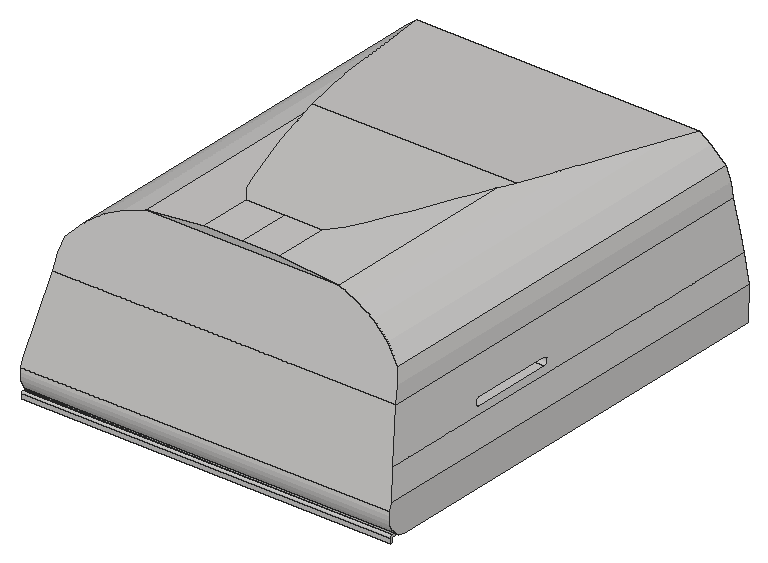
Revit family "NBS_DudleyIndustriesLimited_PprTwlDpnsrs_SmallPlatinumRange_77015CB", category Specialty Equipment, host Face, Revit 2019
Family settings
  Host = Face
  Round Connector Dimension = Use Diameter
  Part Type = Normal
  Cut with Voids When Loaded = No
  Shared = No
  Room Calculation Point = No
Parameters
  WarrantyStartDate [instance] = "1900-12-31T23:59:59"
  WarrantyGuarantorParts = "n/a"
  WarrantyGuarantorLabor = "n/a"
  WarrantyDurationUnit = "year"
  WarrantyDurationParts = "n/a"
  WarrantyDurationLabor = "n/a"
  WarrantyDescription = "n/a"
  Version = "1"  # constant formula
  Uniclass2015Version = "Products v1.22"
  Uniclass2015Title = "Paper towel dispensers"
  Uniclass2015Code = "Pr_40_70_22_62"
  TowelsWidth = "n/a"
  TowelsTowelType = "n/a"
  TagNumber [instance] = "n/a"
  SustainabilityPerformance = "n/a"
  Style = "n/a"
  Status = "UNSET"
  Size = "317mm x 290mm x 145mm"
  Shape = "n/a"
  SerialNumber [instance] = "n/a"
  Revision = "n/a"
  ReplacementCost = "n/a"
  Reference = "n/a"
  RecycledContent = "n/a"
  Recyclability = "n/a"
  RatedVoltage = "n/a"
  RatedCurrent = "n/a"
  ProductInformation = "https://www.dudleyindustries.com/washroom/product-category/all-products/paper-towel-dispensers/page/2/"
  PowerFactor = 0
  Operation = "n/a"
  NumberOfPoles = 0
  NominalWidth = 290 mm
  NominalLength = 290 mm
  NominalHeight = 317 mm
  NominalFrequencyRange = "n/a"
  NominalDepth = 145 mm
  Name = "PaperTowelDispensers_SmallPlatinumRange_77015CB_DudleyIndustriesLimited_NBS"
  NBSReference = "45-35-72/344"
  NBSDescription = "Paper towel dispensers"
  NBSCertification = "www.nationalbimlibrary.com/cert/0onmyyz4"
  ModelReference = "Small Platinum Range 77015CB"
  ModelNumber = "77015CB"
  MaterialsFinishAndColour = "n/a"
  MaterialsBody = "n/a"
  Material = "Stainless steel"
  ManufacturerURL = "www.dudleyindustries.com"
  ManufacturerName = "Dudley Industries Limited"  # constant formula
  Manufacturer = "n/a"
  MainColor = "n/a"
  IsBuiltIn = no
  IntegralAccessories = "n/a"
  InsulationStandardClass = "n/a"
  InstallationDate [instance] = "1900-12-31T23:59:59"
  IfcExportType = "NOTDEFINED"  # constant formula
  IfcExportAs = "IfcFurnitureType"  # constant formula
  IPCode = "n/a"
  IKCode = "n/a"
  HasProtectiveEarth = no
  Grade = "n/a"
  Form = "n/a"
  Finish = "Brushed with Clear Lacquer"
  Features = "n/a"
  ExpectedLife = "n/a"
  EmbodiedCarbon = "n/a"
  DurationUnit = "n/a"
  DispenserWidth = 290 mm  # constant formula
  DispenserLockMaterial = NBS_DudleyIndustries_StainlessSteel_Polished
  DispenserHeigth = 317 mm  # constant formula
  DispenserCaseMaterial = NBS_DudleyIndustries_StainlessSteel_Polished
  Description = "Elegant small stainless steel paper towel dispenser"
  Default Elevation = 1300 mm
  CountryOfProductManufacture = "n/a"
  CountryOfMaterialOrigin = "n/a"
  ContainsRedListMaterials = "n/a"
  Constituents = "n/a"
  ConductorFunction = "n/a"
  Color = "Brushed with clear lacquer"
  CodePerformance = "n/a"
  Category = "Pr_40_70_22_62:Paper towel dispensers"
  BarCode = "n/a"
  BIMObjectName = "NBS_DudleyIndustriesLimited_PaperTowelDispensers_SmallPlatinumRange_77015CB"
  Author = "NBS"  # constant formula
  AssetType = "Fixed"
  AssetIdentifier [instance] = "n/a"
  AccessibilityPerformance = "n/a"
Reference planes
  plane 1 "Center (Front/Back)": y = 0
  plane 2 "Bottom": z = 0
  plane 3 "Center (Left/Right)": x = 0
  plane 4: y = -213.5
  plane 5 "Right": x = 145
  plane 6 "Left": x = -145
  plane 7 "Front": z = 147
  plane 8: through (-145, 213.5, 55) normal (0, -0.9962, -0.0872)
  plane 9: through (-145, -177.356, 147) normal (0, 0.0175, 0.9998)
  plane 10: through (-145, -71.932, 145.16) normal (0, 0.0523, 0.9986)
  plane 11: through (-145, 16.633, 140.518) normal (0, 0.0872, 0.9962)
  plane 12: through (-145, 81.275, 134.863) normal (0, 0.1219, 0.9925)
  plane 13: through (-145, -157.356, 147) normal (0, 0.9605, -0.2783)
  plane 14: z = 1.1
  plane 15: through (-145, -193.5, 22.243) normal (0, -0.9605, 0.2783)
  plane 16: through (-145, -157.466, 140.711) normal (0, 0.9521, -0.3057)
  plane 17: through (-145, -157.402, 144.346) normal (0, -0.9945, -0.1045)
  plane 18: y = -158.5
  plane 19 "Top": y = 158.5
  plane 20: x = -146
  plane 21: x = 146
Forms (mm)
  Extrusion 1, solid, material "NBS_DudleyIndustries_StainlessSteel_Polished" <- "DispenserCaseMaterial", detail levels coarse
    sketch origin (-145, 0, 0) x (0, 1, 0) y (0, 0, 1)
      loop
        line (-157.356, 147.001) -> (-193.5, 22.243) -> (-193.5, 0) -> (158.5, 0) -> (158.5, 55) -> (152.217, 126.818)
        arc (152.217, 126.818) -> (76.211, 135.175) -> (0, 141.39) r 2716.185
        arc (0, 141.39) -> (-78.633, 145.44) -> (-157.356, 147.001) r 2487.832
    from 0 to 290
  Extrusion 2, solid, material "NBS_DudleyIndustries_StainlessSteel_Polished" <- "DispenserCaseMaterial", detail levels medium+fine
    sketch origin (-145, 0, 0) x (0, 1, 0) y (0, 0, 1)
      loop
        line (158.5, 1.1) -> (158.5, 59.642) -> (152.625, 126.789)
        arc (152.625, 126.789) -> (82.366, 134.602) -> (11.943, 140.764) r 3013.356
        arc (11.943, 140.764) -> (-72.794, 145.457) -> (-157.652, 146.72) r 2098.35
        line (-157.652, 146.72) -> (-157.13, 141.756) -> (-174.994, 86.119) -> (-193.5, 22.243)
        arc (-193.5, 22.243) -> (-191.087, 8.036) -> (-178.455, 1.1) r 16.558
        line (-178.455, 1.1) -> (158.5, 1.1)
      loop
        line (-191.102, 3.995) -> (-189.113, 3.995) -> (-189.113, 5.499) -> (-190.101, 5.999) -> (-190.101, 4.995) -> (-191.102, 4.995)
        arc (-191.102, 4.995) -> (-192.338, 4.484) -> (-192.849, 3.249) r 1.747
        line (-192.849, 3.249) -> (-192.849, 0) -> (-191.849, 0) -> (-191.849, 3.249)
        arc (-191.849, 3.249) -> (-191.631, 3.777) -> (-191.102, 3.995) r 0.747
    from 0 to 290
  Extrusion 3, solid, material "NBS_DudleyIndustries_StainlessSteel_Polished" <- "DispenserLockMaterial", detail levels medium+fine
    sketch origin (0, 213.5, 0) x (1, 0, 0) y (0, 0, 1)
      loop
        circle (0, 30.358) r 12.5
      loop
        circle (0, 30.358) r 10
      loop
        circle (0.078, 30.436) r 6.8
      loop
        circle (0.078, 33.381) r 1.242
      loop
        circle (0.078, 27.388) r 1.242
    from 54.43 to 65.605
  Extrusion 4, void, detail levels medium+fine
    sketch origin (0, 213.5, 0) x (1, 0, 0) y (0, 0, 1)
      loop
        line (-154.502, 151.518) -> (-154.502, 26.036) -> (-145.327, 26.036) -> (-134.733, 86.119)
        arc (-134.733, 86.119) -> (-133.56, 97.292) -> (-130.841, 108.191) r 80.375
        arc (-130.841, 108.191) -> (-106.158, 129.697) -> (-75.723, 141.756) r 96.905
        arc (-75.723, 141.756) -> (-52.985, 145.324) -> (-30, 146.518) r 221.909
        line (-30, 146.518) -> (0, 146.518) -> (30, 146.518)
        arc (30, 146.518) -> (52.985, 145.324) -> (75.723, 141.756) r 221.909
        arc (75.723, 141.756) -> (106.158, 129.697) -> (130.841, 108.191) r 96.905
        arc (130.841, 108.191) -> (133.56, 97.292) -> (134.733, 86.119) r 80.375
        line (134.733, 86.119) -> (141.26, 49.103) -> (145.996, 22.243) -> (153.607, 22.243) -> (153.607, 151.518) -> (-154.502, 151.518)
    from 55 to 432.289
  Extrusion 5, void, detail levels medium+fine
    sketch origin (-145, 0, 0) x (0, 1, 0) y (0, 0, 1)
      loop
        arc (-99.635, 60.1) -> (-102.635, 57.1) -> (-99.635, 54.1) r 3
        line (-99.635, 54.1) -> (-35.635, 54.1)
        arc (-35.635, 54.1) -> (-32.635, 57.1) -> (-35.635, 60.1) r 3
        line (-35.635, 60.1) -> (-99.635, 60.1)
    from 0 to 290
  Extrusion 6, solid, material "NBS_DudleyIndustries_StainlessSteel_Polished" <- "DispenserCaseMaterial", detail levels coarse
    sketch origin (0, 0, 0) x (0, 1, 0) y (0, 0, 1)
      loop
        line (-196.5, 0) -> (160.5, 0) -> (160.5, 59.729) -> (154.477, 128.576)
        arc (154.477, 128.576) -> (-2.155, 143.803) -> (-159.367, 150.837) r 3015.356
        line (-159.367, 150.837) -> (-196.5, 22.669) -> (-196.5, 0)
    from -146 to 146
Cuts and joins
  Extrusion 4, Extrusion 5 cuts Extrusion 1
  Extrusion 4, Extrusion 5 cuts Extrusion 2
Dimensions and locks
  plane 7 "Front" to plane 2 "Bottom" = 147 mm
  "DispenserWidth": plane 6 "Left" to plane 5 "Right"
  equal spacing: plane 19 "Top", plane 1 "Center (Front/Back)", plane 18
  "DispenserHeigth": plane 19 "Top" to plane 18
  locked: plane 6 "Left" to plane 20 at 1
  locked: plane 21 to plane 5 "Right" at 1
  aligned and locked: plane 2 "Bottom" to host face
  aligned and locked: level to host face
  aligned and locked: Extrusion 2 to plane 6 "Left"
  aligned and locked: plane 5 "Right" to Extrusion 2
  aligned and locked: Extrusion 5 to plane 6 "Left"
  aligned and locked: plane 5 "Right" to Extrusion 5
  aligned and locked: Extrusion 4 to Extrusion 1
  aligned and locked: plane 21 to Extrusion 6
  aligned and locked: Extrusion 6 to plane 20
Automatic sketch dimensions
  host sketch curve to host sketch curve = 450.855 mm
  host sketch curve to host sketch curve = 530.344 mm
  Extrusion 1 sketch curve to plane 4 = 20 mm
  plane 7 "Front" to Extrusion 1 sketch curve = 0.001 mm
  plane 9 to Extrusion 1 sketch curve = 0.35 mm
  Extrusion 1 sketch curve to plane 1 "Center (Front/Back)" = 0 mm  (x2)
  plane 8 to Extrusion 1 sketch curve = 54.791 mm  (x2)
  plane 12 to Extrusion 1 sketch curve = 0.66 mm
  Extrusion 1 sketch curve to level = 0 mm
  plane 13 to Extrusion 1 sketch curve = 0 mm
  Extrusion 1 sketch curve to plane 10 = 0 mm
  Extrusion 1 sketch curve to plane 4 = 30.864 mm
  Extrusion 2 sketch curve to Extrusion 2 sketch curve = 0 mm  (x2)
  Extrusion 2 sketch curve to plane 4 = 20 mm
  Extrusion 2 sketch curve to level = 0 mm
  Extrusion 2 sketch curve to plane 14 = 0 mm
  plane 15 to Extrusion 2 sketch curve = 0 mm
  Extrusion 2 sketch curve to plane 16 = 0 mm
  plane 17 to Extrusion 2 sketch curve = 0 mm  (x2)
  plane 16 to Extrusion 2 sketch curve = 0 mm
  Extrusion 2 sketch curve to plane 15 = 0 mm
  plane 4 to Extrusion 2 sketch curve = 1.998 mm
  Extrusion 2 sketch curve to plane 4 = 20.651 mm
  Extrusion 2 sketch curve to Extrusion 2 sketch curve = 1 mm
  Extrusion 2 sketch curve to Extrusion 2 sketch curve = 0.747 mm
  Extrusion 2 sketch curve to Extrusion 2 sketch curve = 1.001 mm
  Extrusion 2 sketch curve to Extrusion 2 sketch curve = 0.988 mm
  Extrusion 2 sketch curve to Extrusion 2 sketch curve = 10.658 mm
  Extrusion 2 sketch curve to plane 4 = 35.904 mm
  Extrusion 2 sketch curve to plane 7 "Front" = 0.28 mm
  Extrusion 2 sketch curve to plane 4 = 67.064 mm
  Extrusion 2 sketch curve to level = 1951.6 mm
  Extrusion 2 sketch curve to Extrusion 2 sketch curve = 912.396 mm
  plane 14 to Extrusion 2 sketch curve = 2.149 mm
  Extrusion 2 sketch curve to Extrusion 2 sketch curve = 0.504 mm
  Extrusion 2 sketch curve to Extrusion 2 sketch curve = 1.003 mm
  Extrusion 2 sketch curve to Extrusion 2 sketch curve = 58.542 mm
  Extrusion 2 sketch curve to plane 7 "Front" = 20.211 mm
  Extrusion 3 sketch curve to Extrusion 3 sketch curve = 0 mm  (x2)
  Extrusion 3 sketch curve to plane 3 "Center (Left/Right)" = 0 mm
  plane 3 "Center (Left/Right)" to Extrusion 3 sketch curve = 0.078 mm  (x3)
  level to Extrusion 3 sketch curve = 27.388 mm
  Extrusion 3 sketch curve to Extrusion 3 sketch curve = 2.97 mm
  Extrusion 3 sketch curve to Extrusion 3 sketch curve = 0.078 mm
  Extrusion 3 sketch curve to Extrusion 3 sketch curve = 2.945 mm
  Extrusion 4 sketch curve to plane 6 "Left" = 9.502 mm
  Extrusion 4 sketch curve to plane 3 "Center (Left/Right)" = 0 mm
  plane 5 "Right" to Extrusion 4 sketch curve = 8.607 mm
  Extrusion 4 sketch curve to Extrusion 4 sketch curve = 9.175 mm
  plane 6 "Left" to Extrusion 4 sketch curve = 10.267 mm
  Extrusion 4 sketch curve to plane 3 "Center (Left/Right)" = 55.756 mm
  Extrusion 4 sketch curve to Extrusion 4 sketch curve = 1.35 mm  (x2)
  Extrusion 4 sketch curve to plane 7 "Front" = 0.482 mm
  Extrusion 4 sketch curve to Extrusion 4 sketch curve = 30 mm
  plane 3 "Center (Left/Right)" to Extrusion 4 sketch curve = 30 mm
  plane 3 "Center (Left/Right)" to Extrusion 4 sketch curve = 54.407 mm
  Extrusion 4 sketch curve to plane 5 "Right" = 10.267 mm
  Extrusion 4 sketch curve to plane 5 "Right" = 3.74 mm
  plane 5 "Right" to Extrusion 4 sketch curve = 0.996 mm
  Extrusion 4 sketch curve to plane 7 "Front" = 60.881 mm  (x2)
  Extrusion 4 sketch curve to plane 7 "Front" = 63.665 mm  (x2)
  Extrusion 4 sketch curve to Extrusion 4 sketch curve = 37.017 mm
  Extrusion 4 sketch curve to Extrusion 4 sketch curve = 36.404 mm  (x2)
  Extrusion 4 sketch curve to Extrusion 4 sketch curve = 60.084 mm
  Extrusion 4 sketch curve to Extrusion 4 sketch curve = 26.859 mm
  Extrusion 4 sketch curve to level = 75.391 mm
  Extrusion 4 sketch curve to Extrusion 4 sketch curve = 0 mm  (x2)
  plane 7 "Front" to Extrusion 4 sketch curve = 4.518 mm
  plane 6 "Left" to Extrusion 4 sketch curve = 14.159 mm
  level to Extrusion 5 sketch curve = 60.1 mm
  plane 1 "Center (Front/Back)" to Extrusion 5 sketch curve = 99.635 mm
  plane 1 "Center (Front/Back)" to Extrusion 5 sketch curve = 35.635 mm
  Extrusion 5 sketch curve to Extrusion 5 sketch curve = 3 mm
  Extrusion 1 sketch curve to plane 19 "Top" = 0 mm
  Extrusion 2 sketch curve to plane 19 "Top" = 0 mm
  Extrusion 2 sketch curve to plane 19 "Top" = 5.875 mm
  plane 19 "Top" to Extrusion 6 sketch curve = 2 mm
  Extrusion 6 sketch curve to plane 18 = 0.867 mm
  plane 4 to Extrusion 6 sketch curve = 1.998 mm
  Extrusion 6 sketch curve to level = 2863.996 mm
  Extrusion 6 sketch curve to plane 19 "Top" = 4.023 mm
  level to Extrusion 6 sketch curve = 59.729 mm
  Extrusion 6 sketch curve to level = 0 mm
  Extrusion 6 sketch curve to plane 4 = 17 mm
  level to Extrusion 6 sketch curve = 22.669 mm
  Extrusion 6 sketch curve to plane 7 "Front" = 18.424 mm
  radius of Extrusion 3 sketch curve = 12.5 mm
  radius of Extrusion 3 sketch curve = 10 mm
  radius of Extrusion 3 sketch curve = 6.8 mm
  radius of Extrusion 3 sketch curve = 1.242 mm  (x2)
